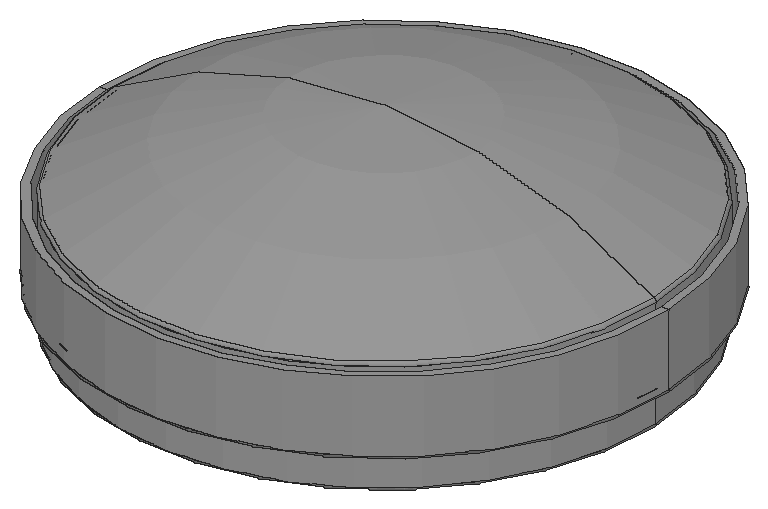
Revit family "3034771 Sylvania Lighting Fixture GIOTTO305 LED G2 3000K RECESSED DALI ", category Lighting Fixtures, host Face, Revit 2016
Family settings
  Host = Face
  Part Type = Normal
  Round Connector Dimension = Use Diameter
  OmniClass Number = 23.80.70.00
  OmniClass Title = Lighting
  Cut with Voids When Loaded = No
  Light Source = Yes
  Shared = No
  Room Calculation Point = No
Parameters (values of type "3034771 GIOTTO305 LED G2 3000K RECESSED DALI ")
  Weight = "1.11 kg"
  Wattage Comments = ""
  Wattage = 19 W
  WarrantyStartDate [instance] = "n/a"
  WarrantyGuarantorParts = "n/a"
  WarrantyDurationUnit = "n/a"
  WarrantyDurationParts = "n/a"
  WarrantyDescription = "n/a"
  built-in parameter 1150110 = 1 (stored number, unit not read)
  Voltage = 0 V
  URL = "http://www.sylvania-lighting.com"
  TypeName = "GIOTTO305 LED G2 3000K RECESSED DALI"
  Type Image = <None>
  Type Comments = "n/a"
  built-in parameter 1114217 = 1 (stored number, unit not read)
  Tilt Angle = -90.00°
  built-in parameter 1150109 = 1 (stored number, unit not read)
  built-in parameter 1150134 = (empty or 0)
  built-in parameter 1150113 = 1 (stored number, unit not read)
  SerialNumber [instance] = "n/a"
  Photometric Web File = "3034771.ies"
  Material_3_SYL = LED-Sylvania
  PowerFactor = 0
  PowerConsumption = "19 W"
  NominalLength = 305 mm
  NominalHeight = 104 mm
  NominalDepth = 305 mm
  Name = "GIOTTO305 LED G2 3000K RECESSED DALI"
  ModelReference = Name  # "GIOTTO305 LED G2 3000K RECESSED DALI"
  ModelNumber = "3034771"
  Model = Name  # "GIOTTO305 LED G2 3000K RECESSED DALI"
  Material = "polycarbonate housing, polycarbonate diffuser"
  ManufacturerName = "Feilo Sylvania"
  Manufacturer = "Feilo Sylvania"
  LuminousEfficacy = "78 lm/W"
  built-in parameter 1150105 = 117.93 (stored number, unit not read)
  Lumens = 1482 lm
  LuminaireType = ""
  built-in parameter 1150115 = 1 (stored number, unit not read)
  LightOutputRatio = "n/a"
  built-in parameter 1150137 = (empty or 0)
  built-in parameter 1150139 = (empty or 0)
  LampsType = Lamp  # "LED"
  LampNominalLuminous = "1491 lm"
  LampMacAdamStep = "n/a"
  LampColourTemperature = "3000 K"
  LampColourRenderingIndex = "80"
  built-in parameter 1150112 = 1 (stored number, unit not read)
  built-in parameter 1150114 = 1 (stored number, unit not read)
  Lamp = "LED"
  Keynote = "16500"
  InstallationDate [instance] = "n/a"
  InputVoltage = "n/a"
  InputNominalFrequency = "n/a"
  built-in parameter 1150132 = (empty or 0)
  built-in parameter 1150102 = (empty or 0)
  built-in parameter 1150107 = 3000 (stored number, unit not read)
  built-in parameter 1150138 = (empty or 0)
  IngressProtection = "IP44"
  ImpactProtectionIndex = "IK10"
  built-in parameter 1150106 = 1.1793 (stored number, unit not read)
  IfcExportType = "IfcLightFixtureType"
  IfcExportAs = "IfcLightFixtureType"
  Height_SYL = 104 mm
  ExpectedLife = 50000
  Emit from Circle Diameter = 317 mm
  Emit Shape Visible in Rendering = no
  ElectricShockClassification = "Class I"
  built-in parameter 1150104 = 7.2464 (stored number, unit not read)
  DurationUnit = "hours"
  DocumentationLiterature = "http://www.sylvania-lighting.com/product/en-int/products/3034771"
  DimmingControlOptions = "n/a"
  Material_2_SYL = Polycarbonate_Sylvania_Giotto_Opal
  Dimming Lamp Color Temperature Shift = <None>
  DiffuserRadius_SYL = 282.611 mm
  Diameter_SYL = 305 mm
  Description = "Ambient and decorative round, recessed mounted LED bulkhead luminaire. White robust polycarbonate body with opal diffuser, 1491 lm, 19W, 78lm/W, 3000K, CRI 80, DALI, 50,000 hours lumen maintenance. Drive current: 700mA, IP44, IK10, Class I, 220-240V, Energy class: A++, A+, A."
  Default Elevation = 1219.2 mm
  CreatedOn = "11/7/2018"
  CreatedBy = "@sylvania-lighting.com"
  Cost = 0
  Color Filter = 16777215
  built-in parameter 1114216 [instance] = (empty or 0)
  ClassificationValue = "EF_70_80"
  ClassificationName = "Uniclass2015"
  Material_1_SYL = Polycarbonate_Sylvania_Giotto_White
  BarCode [instance] = "n/a"
  built-in parameter 1114218 = 1 (stored number, unit not read)
  built-in parameter 1150133 = 10 (stored number, unit not read)
  AssetType = "Fixed"
  AssetIdentifier [instance] = "n/a"
  Assembly Code = "D5020200"
  Apparent Load = 19 VA
  Material_4_SYL = none
Reference planes
  plane 1 "Center (Front/Back)": y = 0
  plane 2: z = 0
  plane 3 "Center (Left/Right)": x = 0
  plane 4: x = 152.5
  plane 5: x = -152.5
  plane 6: x = -145.5
  plane 7: x = -148.5
  plane 8: z = 104
  plane 9: z = 59
  plane 10: z = 19
  plane 11: z = 24
  plane 12: x = -150.9
  plane 13: z = 20.6
  plane 14: z = 1.6
  plane 15: x = -143.9
  plane 16: z = 18
  plane 17: x = -146.5
  plane 18: z = 25
  plane 19: z = 61
Forms (mm)
  Revolve 1, solid, material "Polycarbonate_Sylvania_Giotto_White" <- "Material_1_SYL"
    sketch origin (0, 0, 0) x (1, 0, 0) y (0, 0, 1)
      loop
        line (0, 0) -> (0, 25) -> (-143.9, 25) -> (-143.9, 24) -> (-148.5, 24) -> (-148.5, 59) -> (-152.5, 59) -> (-152.5, 20.6)
        arc (-152.5, 20.6) -> (-152.031, 19.469) -> (-150.9, 19) r 1.6
        line (-150.9, 19) -> (-146.5, 19)
        arc (-146.5, 19) -> (-145.793, 18.707) -> (-145.5, 18) r 1
        line (-145.5, 18) -> (-145.5, 1.6)
        arc (-145.5, 1.6) -> (-145.031, 0.469) -> (-143.9, 0) r 1.6
        line (-143.9, 0) -> (0, 0)
      axis (0, 59) -> (0, 0)
    angle from 360 to 0
  Revolve 2, solid, material "Polycarbonate_Sylvania_Giotto_Opal" <- "Material_2_SYL"
    sketch origin (0, 0, 0) x (1, 0, 0) y (0, 0, 1)
      loop
        line (-145.5, 24) -> (-143.9, 24) -> (-143.9, 59.636)
        arc (-143.9, 59.636) -> (-143.79, 60.068) -> (-143.485, 60.394) r 0.9
        arc (-143.485, 60.394) -> (-74.754, 91.683) -> (0, 102.4) r 266.066
        line (0, 102.4) -> (0, 104)
        arc (0, 104) -> (-75.203, 93.218) -> (-144.348, 61.742) r 267.666
        arc (-144.348, 61.742) -> (-145.193, 60.836) -> (-145.5, 59.636) r 2.5
        line (-145.5, 59.636) -> (-145.5, 24)
      axis (0, 104) -> (0, 24)
    angle from 360 to 0
Dimensions and locks
  equal spacing: plane 4, plane 3 "Center (Left/Right)", plane 5
  "Diameter_SYL": plane 4 to plane 5
  locked: plane 6 to plane 5 at 7
  locked: plane 7 to plane 5 at 4
  "Height_SYL": plane 8 to plane 2
  locked: plane 8 to plane 9 at 45
  locked: plane 9 to plane 10 at 40
  Revolve 1 sketch curve to Revolve 1 sketch curve = 4.4 mm
  locked: plane 11 to plane 10 at 5
  locked: plane 12 to plane 5 at 1.6
  locked: plane 13 to plane 10 at 1.6
  locked: plane 14 to plane 2 at 1.6
  locked: plane 15 to plane 6 at 1.6
  locked: plane 6 to plane 17 at 1
  locked: plane 10 to plane 16 at 1
  locked: plane 18 to plane 11 at 1
  locked: plane 19 to plane 9 at 2
  aligned and locked: plane 2 to host face
  aligned and locked: level to host face
  aligned and locked: Revolve 1 sketch curve to plane 3 "Center (Left/Right)"
  aligned and locked: level to Revolve 1 sketch curve
  aligned and locked: Revolve 1 sketch curve to plane 10
  aligned and locked: plane 9 to Revolve 1 sketch curve
  aligned and locked: Revolve 1 sketch curve to plane 7
  aligned and locked: plane 12 to Revolve 1 sketch curve  (x2)
  aligned and locked: plane 13 to Revolve 1 sketch curve  (x2)
  aligned and locked: plane 15 to Revolve 1 sketch curve  (x3)
  aligned and locked: plane 14 to Revolve 1 sketch curve  (x2)
  aligned and locked: plane 3 "Center (Left/Right)" to imposter light
  aligned and locked: imposter light to plane 1 "Center (Front/Back)"
  aligned and locked: plane 18 to Revolve 1 sketch curve
  aligned and locked: plane 11 to Revolve 1 sketch curve
  aligned and locked: imposter light to plane 8
  aligned and locked: plane 6 to Revolve 1 sketch curve
  aligned and locked: plane 17 to Revolve 1 sketch curve
  aligned and locked: plane 16 to Revolve 1 sketch curve
  aligned and locked: Revolve 2 sketch curve to plane 3 "Center (Left/Right)"
  aligned and locked: plane 6 to Revolve 2 sketch curve
  aligned and locked: plane 3 "Center (Left/Right)" to Revolve 2 sketch curve
  aligned and locked: plane 11 to Revolve 2 sketch curve
  aligned and locked: Revolve 2 sketch curve to imposter light
Automatic sketch dimensions
  host sketch curve to host sketch curve = 2438.4 mm  (x2)
  Revolve 1 sketch curve to plane 3 "Center (Left/Right)" = 0 mm
  Revolve 1 sketch curve to level = 609.6 mm
  Revolve 1 sketch curve to plane 8 = 2499.058 mm
  Revolve 2 sketch curve to Revolve 2 sketch curve = 0 mm  (x4)
  Revolve 2 sketch curve to plane 15 = 0 mm
  Revolve 2 sketch curve to plane 8 = 0 mm
  plane 15 to Revolve 2 sketch curve = 0.9 mm
  Revolve 2 sketch curve to level = 163.666 mm
  Revolve 2 sketch curve to plane 9 = 0.636 mm
  Revolve 2 sketch curve to Revolve 2 sketch curve = 445.934 mm
  Revolve 2 sketch curve to plane 8 = 2505.058 mm
Connectors
  electrical at (0, 0, 0), driven by "Apparent Load", driven by "PowerFactor", driven by "Voltage"
    settings: index 1, voltage 0 V, apparent load 19 VA, apparent load phase1 0 VA, apparent load phase2 0 VA, apparent load phase3 0 VA, power factor 0, load classification "Lighting", number of poles 1, system type 30, power factor state 1, is connector primary yes, connector utility no, sub classification motor no, connector description ""
